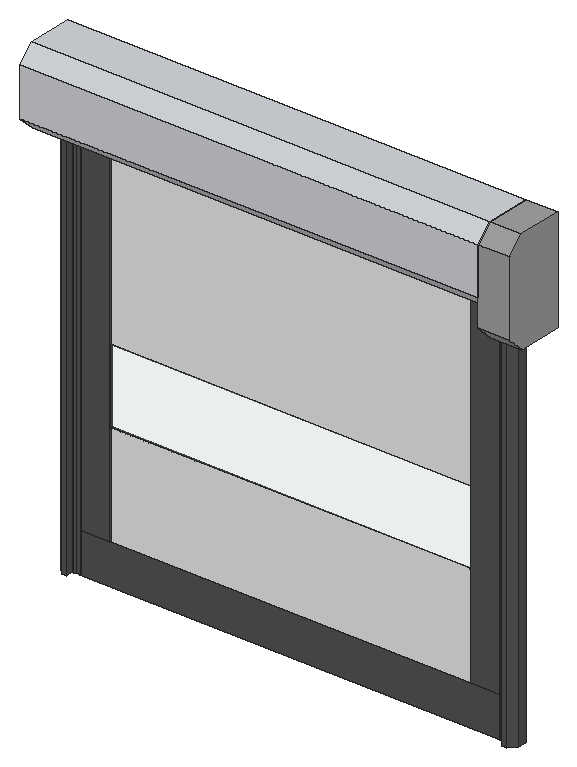
Revit family "Door_Coiling-Fabric_Dynaco_D4", category Doors, host Wall, Revit 2026
Family settings
  Host = Wall
  Classification Number = 23.30.10.17.27.11
  Always vertical = Yes
  Cut with Voids When Loaded = No
  Shared = No
  Room Calculation Point = No
Parameters (values of type "Interior 575V 3 Phase")
  rightmotorcover [instance] = and(Include Motor Cover, Motor Right)  # yes
  leftmotorcover [instance] = and(Include Motor Cover, Motor Left)  # no
  estimatepanelwidth [instance] = if(1 = 1, Width + 0' 0 1/2", 0' 0")  # 7' - 0 1/2"
  estimatepanelheight [instance] = if(1 = 1, Height + 0' 7", 0' 0")  # 7' - 3"
  Voltage Range = "575"
  Vision Lite Height = 1' - 3"  # constant formula
  URL = "http://www.dynacodoor.us/"
  Thickness = 0' - 0"  # constant formula
  Specification = "http://www.arcat.com/sdspecs/htm04/08_34_53dyn.htm"
  Rough Width = 0' - 0"  # constant formula
  Rough Height = 0' - 0"  # constant formula
  Product Page URL = "https://www.arcat.com/arcatcos/cos43/arc43992.html"
  Pressure Difference = "Class I (50 MPH Winds)"
  Photocell Height [instance] = 1' - 0"
  Panel Type [instance] = SlimLinePanel : Vision Banner
  Operating Speed = "Opens at 78in / sec  ;  Closes at 24in / sec"
  Motor Right [instance] = yes
  Motor Left [instance] = not(Motor Right)  # no
  Motor Cover Finish [instance] = Metal - Steel - as Specified
  Model = "D411"
  Maximum Size = "14' W x 14' H"
  Manufacturer = "Dynaco/Entrematic"
  Keynote = "08 34 00"
  Include Motor Cover [instance] = yes
  Include Drum Cover [instance] = yes
  Height to CL of Vision Lite [instance] = 3' - 0"
  Height [instance] = 6' - 8"
  Glazing Tint [instance] = Plastic - Dynaco - Clear
  Function = Interior
  Frame Finish [instance] = Metal - Steel - Black
  Fire Rating = "as Specified"
  Electrical_Voltage [instance] = 0 V
  Electrical_Phase = 3
  Electrical_Frequency [instance] = 60 Hz
  Electrical_Amperage [instance] = 20 A
  Drum Cover Finish [instance] = none
  Door Finish [instance] = Plastic - Dynaco - White
  Door Accent Color [instance] = Plastic - Dynaco - Black
  Description = "Dynaco Industrial Fabric Roll Up Door - Interior D411 as Specified"
  Wall Closure = By host
  Width [instance] = 7' - 0"
  Define Thermal Properties by = Schematic Type
  Copyright = "©Arcat Inc."
  CAD Details = "https://www.arcat.com/company/dynaco-43992/cad"
  Breaker Required [instance] = "as Specified"
  Assembly Code = "C1020100"
  Analytic Construction = "<None>"
Types (8): name | Voltage Range | Pressure Difference | Model | Frame Finish | Electrical_Phase | Description | Assembly Code
  Exterior 575V 3 Phase | "575" | "Class II (60 MPH Winds)" | "D421" | Metal - Steel - as Specified | 3 | "Dynaco Industrial Fabric Roll Up Door - Exterior D421 as Specified" | "B2030410"
  Exterior 460V 3 Phase | "460" | "Class II (60 MPH Winds)" | "D421" | Metal - Steel - Black | 3 | "Dynaco Industrial Fabric Roll Up Door - Exterior D421 as Specified" | "B2030410"
  Exterior 208-230V 3 Phase | "208-230" | "Class II (60 MPH Winds)" | "D421" | Metal - Steel - Black | 3 | "Dynaco Industrial Fabric Roll Up Door - Exterior D421 as Specified" | "B2030410"
  Exterior 208-230V 1 Phase | "208-230" | "Class II (60 MPH Winds)" | "D421" | Metal - Steel - Black | 1 | "Dynaco Industrial Fabric Roll Up Door - Exterior D421 as Specified" | "B2030410"
  Interior 575V 3 Phase | "575" | "Class I (50 MPH Winds)" | "D411" | Metal - Steel - Black | 3 | "Dynaco Industrial Fabric Roll Up Door - Interior D411 as Specified" | "C1020100"
  Interior 460V 3 Phase | "460" | "Class I (50 MPH Winds)" | "D411" | Metal - Steel - Black | 3 | "Dynaco Industrial Fabric Roll Up Door - Interior D411 as Specified" | "C1020100"
  Interior 208-230V 3 Phase | "208-230" | "Class I (50 MPH Winds)" | "D411" | Metal - Steel - Black | 3 | "Dynaco Industrial Fabric Roll Up Door - Interior D411 as Specified" | "C1020100"
  Interior 208-230V 1 Phase | "208-230" | "Class I (50 MPH Winds)" | "D411" | Metal - Steel - Black | 1 | "Dynaco Industrial Fabric Roll Up Door - Interior D411 as Specified" | "C1020100"
Reference planes (in)
  plane 1 "Center (Front/Back)": y = 1.6426
  plane 2: z = 0
  plane 3 "Center (Left/Right)": x = 2
  plane 4 "Left": x = -40
  plane 5 "Right": x = 44
  plane 6 "Bottom": z = 0
  plane 7 "Top": z = 80
  plane 8: y = -1.3574
  plane 9: y = 4.6426
  plane 10: x = -44
  plane 11: x = 48
  plane 12: y = -3.4824
  plane 13: y = -13.4199
  plane 14: y = -13.4199
  plane 15: z = 82.1875
  plane 16: z = 97.75
  plane 17: x = -42.5625
  plane 18: x = 46.5625
  plane 19: x = -50.25
  plane 20: x = 54.25
  plane 21: x = -47.125
  plane 22: x = 51.125
  plane 23: y = -2.857
  plane 24: x = -34.25
  plane 25: x = 38.25
Forms (in)
  Extrusion 1, solid, material "Metal - Steel - Black" <- "Frame Finish"
    sketch origin (0, 0, 40) x (-1, 0, 0) y (0, -1, 0)
      loop
        line (44, 1.3574) -> (44, 3.2324) -> (42.625, 4.6074) -> (41.75, 4.6074) -> (41.75, 3.357) -> (41.25, 3.357) -> (41.07322, 3.18022) -> (40.07322, 3.18022) -> (40.07322, 2.53378) -> (41.07322, 2.53378) -> (41.25, 2.357) -> (41.75, 2.357) -> (41.75, 1.3574) -> (44, 1.3574)
      loop
        line (-48, 1.3574) -> (-45.75, 1.3574) -> (-45.75, 2.357) -> (-45.25, 2.357) -> (-45.07322, 2.53378) -> (-44.07322, 2.53378) -> (-44.07322, 3.18022) -> (-45.07322, 3.18022) -> (-45.25, 3.357) -> (-45.75, 3.357) -> (-45.75, 4.6074) -> (-46.625, 4.6074) -> (-48, 3.2324) -> (-48, 1.3574)
    from -40 to 42.1875
  Extrusion 2, solid, material <- "Drum Cover Finish", visible <- "Include Drum Cover"
    sketch origin (2, 0, 0) x (0, 1, 0) y (0, 0, 1)
      loop
        line (-10.56707, 97.75) -> (-13.4199, 94.89717) -> (-13.4199, 85.25) -> (-10.3574, 82.1875) -> (-1.3574, 82.1875) -> (-1.3574, 97.75) -> (-10.56707, 97.75)
    from -46 to 46
  Extrusion 3, solid, material "Metal - Steel - as Specified" <- "Motor Cover Finish", visible <- "rightmotorcover"
    sketch origin (44, 0, 0) x (0, -1, 0) y (0, 0, 1)
      loop
        line (1.3574, 97.75) -> (1.3574, 76.8125) -> (10.3574, 76.8125) -> (13.4199, 79.875) -> (13.4199, 94.89717) -> (10.56707, 97.75) -> (1.3574, 97.75)
    from -4 to -10.25
  Extrusion 4, solid, material "Metal - Steel - as Specified" <- "Motor Cover Finish", visible <- "leftmotorcover"
    sketch origin (-40, 0, 0) x (0, -1, 0) y (0, 0, 1)
      loop
        line (10.3574, 76.8125) -> (13.4199, 79.875) -> (13.4199, 94.89717) -> (10.56707, 97.75) -> (1.3574, 97.75) -> (1.3574, 76.8125) -> (10.3574, 76.8125)
    from 4 to 10.25
  Extrusion 5, solid, material "Metal - Steel - as Specified" <- "Motor Cover Finish", visible <- "Motor Right"
    sketch origin (48, 7.23114, 48) x (0, 1, 0) y (0, 0, 1)
      loop
        circle (-11.93684, 45.95314) r 2.5
    from 0 to 2.48759
  Extrusion 6, solid, material "Metal - Steel - as Specified" <- "Motor Cover Finish", visible <- "Motor Left"
    sketch origin (-44, 7.23114, 48) x (0, 1, 0) y (0, 0, 1)
      loop
        circle (-11.93684, 45.95314) r 2.5
    from 0 to -2.48828
  Revolve 7, solid, material "Metal - Steel - as Specified" <- "Motor Cover Finish", visible <- "Motor Right"
    sketch origin (51.125, 15.92251, 51.88982) x (0, 0.97437, 0.224951) y (0, -0.224951, 0.97437)
      loop
        line (-14.74018, 31.35584) -> (-12.20339, 30.77018) -> (-11.93097, 31.0426) -> (-11.33854, 33.60869) -> (-11.72217, 33.69726) -> (-10.37246, 39.54348) -> (-10.69598, 40.75089) -> (-9.76455, 44.78536) -> (-11.54485, 45.19637) -> (-14.74018, 31.35584)
      axis (-11.54485, 45.19637) -> (-14.74018, 31.35584)
    angle from 0 to 360
  Revolve 8, solid, material "Metal - Steel - as Specified" <- "Motor Cover Finish", visible <- "Motor Right"
    sketch origin (51.125, 15.92251, 51.88982) x (0, 0.97437, 0.224951) y (0, -0.224951, 0.97437)
      loop
        line (-15.49346, 33.71346) -> (-14.90871, 35.62607) -> (-16.8013, 36.20469) -> (-17.38604, 34.29208) -> (-15.49346, 33.71346)
      axis (-15.39962, 33.56952) -> (-17.44214, 34.05708)
    angle from 0 to 360
  Revolve 9, solid, material "Metal - Steel - as Specified" <- "Motor Cover Finish", visible <- "Motor Left"
    sketch origin (-47.125, 15.92251, 51.88982) x (0, 0.97437, 0.224951) y (0, -0.224951, 0.97437)
      loop
        line (-14.74018, 31.35584) -> (-12.20339, 30.77018) -> (-11.93097, 31.0426) -> (-11.33854, 33.60869) -> (-11.72217, 33.69726) -> (-10.37246, 39.54348) -> (-10.69598, 40.75089) -> (-9.76455, 44.78536) -> (-11.54485, 45.19637) -> (-14.74018, 31.35584)
      axis (-11.54485, 45.19637) -> (-14.74018, 31.35584)
    angle from 0 to 360
  Revolve 10, solid, material "Metal - Steel - as Specified" <- "Motor Cover Finish", visible <- "Motor Left"
    sketch origin (-47.125, 15.92251, 51.88982) x (0, 0.97437, 0.224951) y (0, -0.224951, 0.97437)
      loop
        line (-15.49346, 33.71346) -> (-14.90871, 35.62607) -> (-16.82868, 36.21306) -> (-17.41342, 34.30045) -> (-15.49346, 33.71346)
      axis (-15.39962, 33.56952) -> (-17.46993, 34.06372)
    angle from 0 to 360
  Extrusion 11, solid, material "Plastic - Dynaco - Black" <- "Door Accent Color"
    sketch origin (2, -2.11907, 4.07085) x (0, 1, 0) y (0, 0, 1)
      loop
        circle (-5.60643, 85.92915) r 3.25
    from 36.25 to 42
  Extrusion 12, solid, material "Plastic - Dynaco - White" <- "Door Finish"
    sketch origin (2, -2.11907, 4.07085) x (0, 1, 0) y (0, 0, 1)
      loop
        circle (-5.60643, 85.92915) r 2.99766
    from -36.25 to 36.25
  Extrusion 13, solid, material "Plastic - Dynaco - Black" <- "Door Accent Color"
    sketch origin (2, -2.11907, 4.07085) x (0, 1, 0) y (0, 0, 1)
      loop
        circle (-5.60643, 85.92915) r 3.25
    from -42 to -36.25
  Extrusion 14, solid, material "Metal - Steel - Black" <- "Frame Finish"
    sketch origin (2, 0, 0) x (0, 1, 0) y (0, 0, 1)
      loop
        line (-1.3574, 97.25) -> (-10.1074, 97.25) -> (-12.58227, 94.77513) -> (-12.58227, 85.52513) -> (-9.93062, 82.87348) -> (-1.3574, 82.87348) -> (-1.3574, 97.25)
    from 42 to 46
  Extrusion 15, solid, material "Metal - Steel - Black" <- "Frame Finish"
    sketch origin (2, 0, 0) x (0, 1, 0) y (0, 0, 1)
      loop
        line (-12.58227, 94.77513) -> (-12.58227, 85.52513) -> (-9.93062, 82.87348) -> (-1.3574, 82.87348) -> (-1.3574, 97.25) -> (-10.1074, 97.25) -> (-12.58227, 94.77513)
    from -42 to -46
Lines and regions (in)
  Opening 1
    outline origin (-60, -1.3574, 0) x (1, 0, 0) y (0, 0, 1)
      loop
        line (20, 80) -> (20, 0) -> (104, 0) -> (104, 80) -> (20, 80)
  model lines, style "DoorsHiddenLines"
    curve 1: line (-44, -1.3574, 0) -> (-44, -13.4199, 0)
    curve 2: line (-44, -13.4199, 0) -> (48, -13.4199, 0)
    curve 3: line (48, -13.4199, 0) -> (48, -1.3574, 0)
  model lines, style "DoorsHiddenLines", visible <- "Motor Right"
    curve 4: line (54.25, -1.3574, 0) -> (54.25, -13.4199, 0)
    curve 5: line (54.25, -13.4199, 0) -> (48, -13.4199, 0)
  model lines, style "DoorsHiddenLines", visible <- "Motor Left"
    curve 6: line (-50.25, -1.3574, 0) -> (-50.25, -13.4199, 0)
    curve 7: line (-50.25, -13.4199, 0) -> (-44, -13.4199, 0)
Text (in)
  text "EXTERIOR" at (-58.6888, 13.80127, 0), in view "Plan View"
  text "INTERIOR" at (-58.6888, -8.43329, 0), in view "Plan View"
  text "Exterior" at (0, 43.65631, 123.19604), in view "Left"
  text "Exterior" at (0, 18.29385, 125.04747), in view "Right"
Dimensions and locks (in)
  equal spacing: plane 4 "Left", plane 3 "Center (Left/Right)", plane 5 "Right"
  "Width": plane 4 "Left" to plane 5 "Right"
  "Height": plane 7 "Top" to level
  locked: plane 10 to plane 4 "Left" at 4
  locked: plane 5 "Right" to plane 11 at 4
  locked: plane 8 to plane 12 at 2.125
  locked: plane 8 to plane 13 at 12.0625
  locked: plane 8 to plane 14 at 12.0625
  locked: plane 15 to plane 7 "Top" at 2.1875
  locked: plane 16 to plane 15 at 15.5625
  locked: plane 17 to plane 4 "Left" at 2.5625
  locked: plane 5 "Right" to plane 18 at 2.5625
  locked: plane 19 to plane 4 "Left" at 10.25
  locked: plane 5 "Right" to plane 20 at 10.25
  equal spacing: plane 19, plane 21, plane 10
  equal spacing: plane 11, plane 22, plane 20
  locked: plane 8 to plane 23 at 1.4996
  locked: plane 16 to Extrusion 3 sketch curve at 20.9375
  plane 16 to Extrusion 3 sketch curve to Extrusion 3 sketch curve = 0' - 2.85283" locked, 1' - 3.02217" locked
  locked: plane 16 to Extrusion 4 sketch curve at 20.9375
  plane 16 to Extrusion 4 sketch curve to Extrusion 4 sketch curve = 0' - 2.85283" locked, 1' - 3.02217" locked
  locked: plane 16 to Extrusion 2 sketch curve at 15.5625
  plane 16 to Extrusion 2 sketch curve to Extrusion 2 sketch curve = 0' - 2.85283" locked, 0' - 9.64717" locked
  locked: plane 7 "Top" to Extrusion 11 sketch curve at 10
  locked: plane 4 "Left" to plane 24 at 5.75
  locked: plane 25 to plane 5 "Right" at 5.75
  locked: plane 7 "Top" to Extrusion 13 sketch curve at 10
  locked: plane 14 to Extrusion 13 sketch curve at 5.69439
  plane 16 to Extrusion 14 sketch curve to Extrusion 14 sketch curve = 0' - 0 1/2" locked, 1' - 2.37652" locked
  plane 16 to Extrusion 14 sketch curve to Extrusion 14 sketch curve = 0' - 2.97487" locked, 0' - 9 1/4" locked
  aligned and locked: plane 7 "Top" to Opening 1 sketch curve
  aligned and locked: plane 5 "Right" to Opening 1 sketch curve
  aligned and locked: plane 4 "Left" to Opening 1 sketch curve
  aligned and locked: level to plane 2
  aligned and locked: Opening 1 sketch curve to plane 2
  aligned and locked: plane 6 "Bottom" to plane 2
  aligned and locked: plane 1 "Center (Front/Back)" to host wall
  aligned and locked: plane 8 to host wall
  aligned and locked: plane 9 to host wall
  aligned and locked: Extrusion 1 to level
  aligned and locked: plane 15 to Extrusion 1
  aligned and locked: Extrusion 2 to plane 10
  aligned and locked: plane 11 to Extrusion 2
  aligned and locked: plane 10 to Extrusion 4
  aligned and locked: Extrusion 3 to plane 11
  aligned and locked: plane 3 "Center (Left/Right)" to nested 1
  aligned and locked: plane 23 to nested 1
  aligned and locked: plane 20 to Extrusion 3
  aligned and locked: Extrusion 4 to plane 19
  aligned and locked: Extrusion 12 to plane 25
  aligned and locked: plane 24 to Extrusion 12
  aligned and locked: Extrusion 11 to plane 5 "Right"
  aligned and locked: plane 25 to Extrusion 11
  aligned and locked: plane 4 "Left" to Extrusion 13
  aligned and locked: Extrusion 13 to plane 24
  aligned and locked: plane 5 "Right" to Extrusion 14
  aligned and locked: plane 4 "Left" to Extrusion 15
  aligned and locked: Extrusion 15 to plane 10
  aligned and locked: plane 11 to Extrusion 14
Automatic sketch dimensions
  curve 6 to plane 13 = 0' - 0"
  curve 6 to plane 19 = 0' - 0"
  curve 2 to plane 10 = 0' - 0"
  curve 3 to plane 11 = 0' - 0"
  curve 5 to plane 20 = 0' - 0"
  host wall to curve 4 = 0' - 0"
  host wall to curve 3 = 0' - 0"
  host wall to curve 1 = 0' - 0"
  host wall to curve 6 = 0' - 0"
  host wall to Extrusion 1 sketch curve = 0' - 0"  (x2)
  Extrusion 1 sketch curve to plane 11 = 0' - 0"
  Extrusion 1 sketch curve to plane 10 = 0' - 0"
  Extrusion 1 sketch curve to plane 18 = 0' - 0 1/16"
  plane 12 to Extrusion 1 sketch curve = 0' - 0.1254"  (x2)
  plane 18 to Extrusion 1 sketch curve = 0' - 0 13/16"  (x2)
  Extrusion 1 sketch curve to plane 23 = 0' - 0 1/2"  (x2)
  Extrusion 1 sketch curve to Extrusion 1 sketch curve = 0' - 0 1/2"  (x4)
  Extrusion 1 sketch curve to Extrusion 1 sketch curve = 0' - 0.17678"  (x4)
  Extrusion 1 sketch curve to plane 23 = 0' - 0.32322"  (x2)
  Extrusion 1 sketch curve to plane 5 "Right" = 0' - 0.07322"
  plane 4 "Left" to Extrusion 1 sketch curve = 0' - 0.07322"
  plane 12 to Extrusion 1 sketch curve = 0' - 0.30217"  (x2)
  Extrusion 1 sketch curve to Extrusion 1 sketch curve = 0' - 1"
  Extrusion 1 sketch curve to Extrusion 1 sketch curve = 0' - 0"
  Extrusion 1 sketch curve to plane 17 = 0' - 0 1/16"
  plane 12 to Extrusion 1 sketch curve = 0' - 0 1/4"  (x2)
  Extrusion 1 sketch curve to plane 12 = 0' - 1 1/8"  (x2)
  Extrusion 2 sketch curve to plane 13 = 0' - 0"
  Extrusion 2 sketch curve to plane 16 = 0' - 0"
  Extrusion 2 sketch curve to host wall = 0' - 0"
  plane 13 to Extrusion 2 sketch curve = 0' - 2.85283"
  plane 13 to Extrusion 2 sketch curve = 0' - 3 1/16"
  Extrusion 3 sketch curve to host wall = 0' - 0"
  Extrusion 3 sketch curve to plane 16 = 0' - 0"
  Extrusion 3 sketch curve to plane 13 = 0' - 0"
  plane 13 to Extrusion 3 sketch curve = 0' - 3 1/16"
  plane 13 to Extrusion 3 sketch curve = 0' - 2.85283"
  Extrusion 4 sketch curve to host wall = 0' - 0"
  Extrusion 4 sketch curve to plane 16 = 0' - 0"
  Extrusion 4 sketch curve to plane 13 = 0' - 0"
  plane 13 to Extrusion 4 sketch curve = 0' - 3 1/16"
  plane 13 to Extrusion 4 sketch curve = 0' - 2.85283"
  Extrusion 5 sketch curve to plane 12 = 0' - 1.2233"
  Extrusion 5 sketch curve to plane 16 = 0' - 3 51/64"
  Extrusion 6 sketch curve to plane 12 = 0' - 1.2233"
  Extrusion 6 sketch curve to plane 16 = 0' - 3 51/64"
  plane 7 "Top" to Revolve 7 sketch curve = 0' - 0.87381"
  Revolve 7 sketch curve to plane 12 = 0' - 2.01101"
  Revolve 7 sketch curve to Revolve 7 sketch curve = 0' - 2.53679"
  Revolve 7 sketch curve to Revolve 7 sketch curve = 0' - 0.27243"  (x2)
  Revolve 7 sketch curve to Revolve 7 sketch curve = 0' - 0.2088"
  Revolve 7 sketch curve to Revolve 7 sketch curve = 0' - 0.17732"
  Revolve 7 sketch curve to Revolve 7 sketch curve = 0' - 0.38363"
  Revolve 7 sketch curve to Revolve 7 sketch curve = 0' - 0.84886"
  Revolve 7 sketch curve to Revolve 7 sketch curve = 0' - 0.32352"
  Revolve 7 sketch curve to Revolve 7 sketch curve = 0' - 1.78029"
  Revolve 7 sketch curve to Revolve 7 sketch curve = 0' - 0.31324"
  Revolve 7 sketch curve to Revolve 7 sketch curve = 0' - 2.56609"
  Revolve 7 sketch curve to Revolve 7 sketch curve = 0' - 0.05624"
  Revolve 7 sketch curve to Revolve 7 sketch curve = 0' - 0.10226"
  Revolve 7 sketch curve to Revolve 7 sketch curve = 0' - 0.24359"
  Revolve 7 sketch curve to Revolve 7 sketch curve = 0' - 0.44294"
  Revolve 8 sketch curve to plane 15 = 0' - 0.79551"
  plane 13 to Revolve 8 sketch curve = 0' - 4.68793"
  Revolve 8 sketch curve to Revolve 8 sketch curve = 0' - 0.58474"
  Revolve 8 sketch curve to Revolve 8 sketch curve = 0' - 1.89258"
  Revolve 8 sketch curve to Revolve 8 sketch curve = 0' - 0.57862"
  Revolve 8 sketch curve to Revolve 8 sketch curve = 0' - 4.56164"
  Revolve 8 sketch curve to Revolve 8 sketch curve = 0' - 1.81333"
  Revolve 8 sketch curve to Revolve 8 sketch curve = 0' - 0.55439"
  Revolve 8 sketch curve to Revolve 8 sketch curve = 0' - 0.8405"
  plane 7 "Top" to Revolve 9 sketch curve = 0' - 0.87381"
  Revolve 9 sketch curve to plane 12 = 0' - 2.01101"
  Revolve 9 sketch curve to Revolve 9 sketch curve = 0' - 2.53679"
  Revolve 9 sketch curve to Revolve 9 sketch curve = 0' - 0.27243"  (x2)
  Revolve 9 sketch curve to Revolve 9 sketch curve = 0' - 0.2088"
  Revolve 9 sketch curve to Revolve 9 sketch curve = 0' - 0.17732"
  Revolve 9 sketch curve to Revolve 9 sketch curve = 0' - 0.38363"
  Revolve 9 sketch curve to Revolve 9 sketch curve = 0' - 0.84886"
  Revolve 9 sketch curve to Revolve 9 sketch curve = 0' - 0.32352"
  Revolve 9 sketch curve to Revolve 9 sketch curve = 0' - 1.78029"
  Revolve 9 sketch curve to Revolve 9 sketch curve = 0' - 0.31324"
  Revolve 9 sketch curve to Revolve 9 sketch curve = 0' - 2.56609"
  Revolve 9 sketch curve to Revolve 9 sketch curve = 0' - 0.05624"
  Revolve 9 sketch curve to Revolve 9 sketch curve = 0' - 0.10226"
  Revolve 9 sketch curve to Revolve 9 sketch curve = 0' - 0.24359"
  Revolve 9 sketch curve to Revolve 9 sketch curve = 0' - 0.44294"
  Revolve 10 sketch curve to plane 15 = 0' - 0.79352"
  plane 13 to Revolve 10 sketch curve = 0' - 4.65937"
  Revolve 10 sketch curve to Revolve 10 sketch curve = 0' - 0.58474"
  Revolve 10 sketch curve to Revolve 10 sketch curve = 0' - 1.91996"
  Revolve 10 sketch curve to Revolve 10 sketch curve = 0' - 0.58699"
  Revolve 10 sketch curve to Revolve 10 sketch curve = 0' - 4.53426"
  Revolve 10 sketch curve to Revolve 10 sketch curve = 0' - 1.81333"
  Revolve 10 sketch curve to Revolve 10 sketch curve = 0' - 0.55439"
  Revolve 10 sketch curve to Revolve 10 sketch curve = 0' - 0.83213"
  Extrusion 11 sketch curve to plane 12 = 0' - 4.24311"
  Extrusion 12 sketch curve to plane 12 = 0' - 4.24311"
  Extrusion 12 sketch curve to plane 16 = 0' - 7 3/4"
  Extrusion 14 sketch curve to host wall = 0' - 0"
  plane 13 to Extrusion 14 sketch curve = 0' - 3.48928"
  plane 13 to Extrusion 14 sketch curve = 0' - 3 5/16"
  plane 13 to Extrusion 14 sketch curve = 0' - 0.83763"
  Extrusion 15 sketch curve to host wall = 0' - 0"
  plane 15 to Extrusion 15 sketch curve = 0' - 0.68598"
  plane 13 to Extrusion 15 sketch curve = 0' - 3.48928"
  Extrusion 15 sketch curve to plane 16 = 0' - 0 1/2"
  plane 13 to Extrusion 15 sketch curve = 0' - 3 5/16"
  plane 13 to Extrusion 15 sketch curve = 0' - 0.83763"
  plane 15 to Extrusion 15 sketch curve = 0' - 3.33763"
  Extrusion 15 sketch curve to plane 16 = 0' - 2.97487"
  radius of Extrusion 5 sketch curve = 0' - 2 1/2"
  radius of Extrusion 6 sketch curve = 0' - 2 1/2"
  radius of Extrusion 11 sketch curve = 0' - 3 1/4"
  radius of Extrusion 12 sketch curve = 0' - 2.99766"
  radius of Extrusion 13 sketch curve = 0' - 3 1/4"
Nested families (in)
  nested 1: "SlimLinePanel" at (2, -2.857, 0), width <- "estimatepanelwidth", height <- "estimatepanelheight", panel color <- "Door Finish", vision lite tint <- "Glazing Tint", vision lite height <- "Vision Lite Height", panel accent color <- "Door Accent Color", type <- "Panel Type", height to CL of vision lite <- "Height to CL of Vision Lite", type "Vision Banner"
    with width 7' - 0 1/2", vision lite tint Plastic - Dynaco - Clear, vision lite height 1' - 3", panel color Plastic - Dynaco - White, panel accent color Plastic - Dynaco - Black, height to CL of vision lite 3' - 0", height 7' - 3"
Definition of nested family "SlimLinePanel"
  Parameters
    width [instance] = 4' - 8.47243"
    vision lite tint [instance] = none
    vision lite height [instance] = 1' - 3"
    panel color [instance] = none
    panel accent color [instance] = none
    height to CL of vision lite [instance] = 1' - 6.87944"
    height [instance] = 4' - 8.33489"
    Default Elevation = 4' - 0"
  Reference planes (in)
    plane 1 "Center (Front/Back)": y = 0
    plane 2: z = 0
    plane 3 "Center (Left/Right)": x = 0
    plane 4: z = 56.33489
    plane 5: x = -28.23621
    plane 6: x = 28.23621
    plane 7: z = 11.37944
    plane 8: z = 26.37944
    plane 9: z = 18.87944
  Forms (in)
    Extrusion 1, solid, material <- "panel color"
      sketch origin (0, 0, 0) x (1, 0, 0) y (0, 0, 1)
        loop
          line (-22.23621, 11.37944) -> (22.23621, 11.37944) -> (22.23621, 26.37944) -> (-22.23621, 26.37944) -> (-22.23621, 11.37944)
        loop
          line (28.23621, 0) -> (28.23621, 56.33489) -> (-28.23621, 56.33489) -> (-28.23621, 0) -> (28.23621, 0)
      from 0.0625 to -0.0625
    Extrusion 2, solid, material <- "vision lite tint"
      sketch origin (0, 0, 0) x (1, 0, 0) y (0, 0, 1)
        loop
          line (-22.23621, 26.37944) -> (-22.23621, 11.37944) -> (22.23621, 11.37944) -> (22.23621, 26.37944) -> (-22.23621, 26.37944)
      from 0.125 to -0.125
    Extrusion 3, solid, material <- "panel accent color"
      sketch origin (0, 0, 0) x (1, 0, 0) y (0, 0, 1)
        loop
          line (-28.23621, 0) -> (28.23621, 0) -> (28.23621, 8) -> (-28.23621, 8) -> (-28.23621, 0)
      from -0.1875 to 0.1875
    Extrusion 4, solid, material <- "panel accent color"
      sketch origin (0, 0, 0) x (1, 0, 0) y (0, 0, 1)
        loop
          line (-28.23621, 56.33489) -> (-28.23621, 8) -> (-22.23621, 8) -> (-22.23621, 56.33489) -> (-28.23621, 56.33489)
        loop
          line (28.23621, 56.33489) -> (22.23621, 56.33489) -> (22.23621, 8) -> (28.23621, 8) -> (28.23621, 56.33489)
      from -0.1875 to 0.1875
  Dimensions and locks (in)
    equal spacing: plane 6, plane 3 "Center (Left/Right)", plane 5
    "width": plane 6 to plane 5
    "height": plane 4 to level
    "vision lite height": plane 8 to plane 7
    "height to CL of vision lite": plane 9 to level
    equal spacing: plane 8, plane 9, plane 7
    locked: Extrusion 4 sketch curve to plane 5 at 6
    locked: plane 6 to Extrusion 4 sketch curve at 6
    locked: Extrusion 4 sketch curve to level at 8  (x2)
    locked: Extrusion 3 sketch curve to level at 8
    locked: Extrusion 2 sketch curve to plane 5 at 6
    locked: plane 6 to Extrusion 2 sketch curve at 6
    locked: plane 6 to Extrusion 1 sketch curve at 6
    locked: Extrusion 1 sketch curve to plane 5 at 6
    aligned and locked: plane 2 to level
    aligned and locked: level to Extrusion 1 sketch curve
    aligned and locked: Extrusion 1 sketch curve to plane 7
    aligned and locked: Extrusion 1 sketch curve to plane 4
    aligned and locked: plane 5 to Extrusion 1 sketch curve
    aligned and locked: plane 8 to Extrusion 1 sketch curve
    aligned and locked: Extrusion 1 sketch curve to plane 6
    aligned and locked: Extrusion 1 to Extrusion 2 sketch curve  (x2)
    aligned and locked: Extrusion 3 sketch curve to plane 5
    aligned and locked: plane 6 to Extrusion 3 sketch curve
    aligned and locked: plane 4 to Extrusion 4 sketch curve
    aligned and locked: Extrusion 4 sketch curve to plane 4
  Automatic sketch dimensions
    Extrusion 4 sketch curve to plane 5 = 0' - 0"
    Extrusion 4 sketch curve to plane 6 = 0' - 0"
    Extrusion 3 sketch curve to level = 0' - 0"
